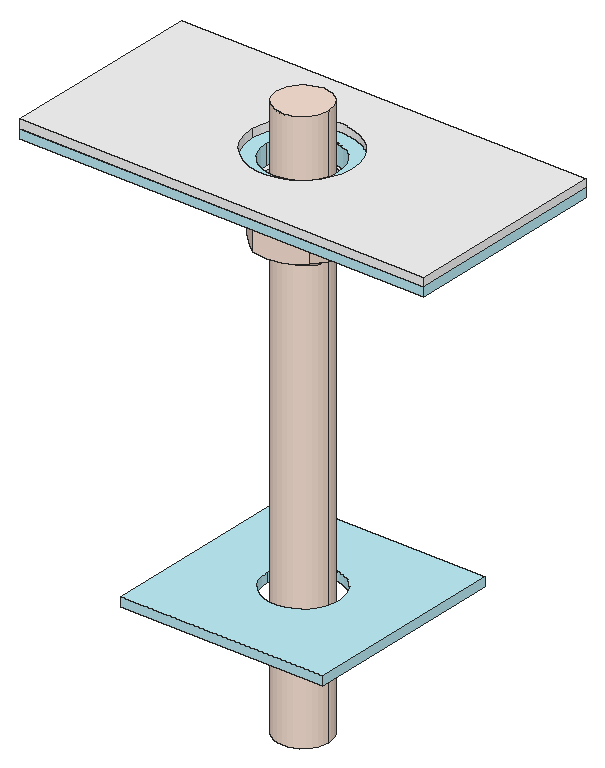
Revit family "GTクイーンアウトドア埋込タイプ", category 機械設備, Revit 2020
Family settings
  丸型コネクタ寸法 = 直径を使用
  種別 = なし
  パーツ タイプ = 標準
  作業面ベース = いいえ
  常に垂直 = はい
  ロード時にボイドで切り取り = いいえ
  共有 = いいえ
  部屋計算ポイント = いいえ
Parameters
  製造元 = "株式会社桐井製作所"
  既定の高さ = 0 mm
  URL = "https://www.kirii.co.jp/"
  K_名称 = "GTクイーンアウトドア埋込タイプ"
  K_備考 = "ボルト長さ60mm~250mmまで対応"
  K_バージョン情報 = "20221219"
Reference planes
  plane 1 "中心(正面/背面)": y = 0
  plane 2: z = 0
  plane 3 "中心(左/右)": x = 0
Dimensions and locks
  aligned and locked: level to plane 2
Nested families
  nested 1: "クッションゴムGTクイーン用" at (0.038, 0, 97.3), type "クッションゴムGTクイーン用"
  nested 2: "1／2”ボルト(高耐食)" at (0.076, 0, -30), type "1／2”ボルト(高耐食)"
    with K_長さ(mm) 140 mm
  nested 3: "受け金具GTクイーン用(高耐食)" at (0.114, 0, 97.3) x (1, 0, 0) z (0, 0, -1), type "受け金具GTクイーン用(高耐食)"
  nested 4: "調整座金(高耐食)" at (0.114, 0, 0), type "調整座金(高耐食)"
  nested 5: "1／2”ナット(高耐食)" at (0.114, 0, 89.1) x (1, 0, 0) z (0, 0, -1), type "1／2”ナット(高耐食)"
  nested 6: "1／2”スプリングワッシャー(高耐食)" at (0.114, 0, 89.1), type "1／2”スプリングワッシャー(高耐食)"
Definition of nested family "クッションゴムGTクイーン用"
  Parameters (values of type "クッションゴムGTクイーン用")
    Manufacturer = "株式会社桐井製作所"
    Default Elevation = 0 mm
    URL = "https://www.kirii.co.jp/"
    K_材質 = "天然ゴム"
    K_名称 = "クッションゴムGTクイーン用"
    K_単位質量(kg/個) = 0.013
    K_バージョン情報 = "20221219"
    K_JIS規格 = "JIS Ｋ 6386"
  Reference planes
    plane 1 "中心(正面/背面)": y = 0
    plane 2: z = 0
    plane 3 "中心(左/右)": x = 0
  Forms (mm)
    Extrusion 1, solid
      sketch origin (0, 0, -108.4) x (-1, 0, 0) y (0, 0, 1)
        loop
          line (50, 108.4) -> (50, 110.4) -> (-50, 110.4) -> (-50, 108.4) -> (50, 108.4)
      from -25 to 25
    Extrusion 2, void
      sketch origin (0, 0, 0) x (1, 0, 0) y (0, 1, 0)
        loop
          circle (0, 0) r 12.5
      from 0 to 2
  Cuts and joins
    Extrusion 2 cuts Extrusion 1
  Dimensions and locks
    aligned and locked: level to plane 2
Definition of nested family "1／2”ボルト(高耐食)"
  Parameters (values of type "1／2”ボルト(高耐食)")
    Manufacturer = "株式会社桐井製作所"
    Default Elevation = 0 mm
    URL = "https://www.kirii.co.jp/"
    K_長さ(mm) [instance] = 100 mm
    K_材質 = "軟鋼線材"
    K_名称 = "1/2”ボルト(高耐食)"
    K_単位質量(㎏/mm) = 0.075
    K_バージョン情報 = "20221219"
    K_めっき付着量 = "高耐食複合焼付被膜"
    K_JIS規格 = "JIS G 3505　同等以上"
  Reference planes
    plane 1 "中心(正面/背面)": y = 0
    plane 2: z = 0
    plane 3 "中心(左/右)": x = 0
  Forms (mm)
    Extrusion 1, solid
      sketch origin (0.058, 0, 0) x (1, 0, 0) y (0, 1, 0)
        loop
          circle (-0.02, 0) r 6.35
      from 0 to 100
  Dimensions and locks
    "K_長さ(mm)": Extrusion 1 to Extrusion 1
    aligned and locked: level to plane 2
  Automatic sketch dimensions
    plane 1 "中心(正面/背面)" to Extrusion 1 sketch curve = 0 mm
    plane 3 "中心(左/右)" to Extrusion 1 sketch curve = 0.038 mm
    radius of Extrusion 1 sketch curve = 6.35 mm
Definition of nested family "受け金具GTクイーン用(高耐食)"
  Parameters (values of type "受け金具GTクイーン用(高耐食)")
    Manufacturer = "株式会社桐井製作所"
    Default Elevation = 0 mm
    URL = "https://www.kirii.co.jp/"
    K_表面処理 = "K27"
    K_材質 = "溶融亜鉛めっき鋼板及び鋼帯 JIS G 3302"
    K_名称 = "GTクイーン用受け金具(高耐食)"
    K_バージョン情報 = "20221219"
  Reference planes
    plane 1 "中心(正面/背面)": y = 0
    plane 2: z = 0
    plane 3 "中心(左/右)": x = 0
  Forms (mm)
    Extrusion 1, solid
      sketch origin (0, 0, 0) x (1, 0, 0) y (0, 0, 1)
        loop
          line (-50, 2.3) -> (-50, 0) -> (50, 0) -> (50, 2.3) -> (-50, 2.3)
      from -25 to 25
    Revolve 2, solid
      sketch origin (0, 0, 0) x (1, 0, 0) y (0, 0, 1)
        loop
          line (0, 5) -> (0, 2.3) -> (17.5, 2.3)
          arc (17.5, 2.3) -> (16.21, 4.247) -> (14, 5) r 3.619
          line (14, 5) -> (0, 5)
        axis (0, 5) -> (0, 2.3)
      angle from 0 to 360
    Extrusion 3, void
      sketch origin (0, 0, 0) x (1, 0, 0) y (0, 1, 0)
        loop
          circle (-0.139, 0) r 9
      from 0 to 5
    Extrusion 4, void
      sketch origin (0, 0, 0) x (1, 0, 0) y (0, 1, 0)
        loop
          circle (-35.139, -10) r 2
        loop
          circle (34.861, 10) r 2
      from 0 to 2.3
  Cuts and joins
    Extrusion 3, Extrusion 4 cuts Extrusion 1
    Extrusion 3, Extrusion 4 cuts Revolve 2
    joined: Extrusion 1, Revolve 2
  Dimensions and locks
    aligned and locked: level to plane 2
Definition of nested family "調整座金(高耐食)"
  Parameters (values of type "調整座金(高耐食)")
    Manufacturer = "株式会社桐井製作所"
    Default Elevation = 0 mm
    URL = "https://www.kirii.co.jp/"
    K_表面処理 = "K27"
    K_材質 = "溶融亜鉛めっき鋼板及び鋼帯 JIS G 3302"
    K_名称 = "調整座金(高耐食)"
    K_バージョン情報 = "20221219"
  Reference planes
    plane 1 "中心(正面/背面)": y = 0
    plane 2: z = 0
    plane 3 "中心(左/右)": x = 0
  Forms (mm)
    Extrusion 1, solid
      sketch origin (0, 0, 0) x (1, 0, 0) y (0, 0, 1)
        loop
          line (-25, 2.3) -> (-25, 0) -> (25, 0) -> (25, 2.3) -> (-25, 2.3)
      from -25 to 25
    Extrusion 2, void
      sketch origin (-0.71, 0, 0) x (1, 0, 0) y (0, 1, 0)
        loop
          circle (0.71, 0) r 9
      from 0 to 2.3
  Cuts and joins
    Extrusion 2 cuts Extrusion 1
  Dimensions and locks
    aligned and locked: level to plane 2
Definition of nested family "1／2”ナット(高耐食)"
  Parameters (values of type "1／2”ナット(高耐食)")
    Manufacturer = "株式会社桐井製作所"
    Default Elevation = 0 mm
    URL = "https://www.kirii.co.jp/"
    K_表面処理 = "高耐食複合焼付被覆"
    K_材質 = "軟鋼線材 JIS G 3505 同等以上"
    K_名称 = "1/2\"ナット(高耐食)"
    K_単位質量(kg/個) = 0.021
    K_バージョン情報 = "20221219"
  Reference planes
    plane 1 "中心(正面/背面)": y = 0
    plane 2: z = 0
    plane 3 "中心(左/右)": x = 0
  Forms (mm)
    Revolve 1, solid
      sketch origin (0, 0, 2.36) x (1, 0, 0) y (0, 0, 1)
        loop
          line (7, 7.64) -> (7, -2.36) -> (13, -2.36) -> (13, 4.782)
          arc (13, 4.782) -> (11.208, 6.863) -> (8.573, 7.64) r 4.858
          line (8.573, 7.64) -> (7, 7.64)
        axis (0, 7.64) -> (0, -2.36)
      angle from 0 to 360
    Extrusion 2, void
      sketch origin (0, 0, 0) x (1, 0, 0) y (0, 1, 0)
        loop
          circle (0, 0) r 14
        loop
          line (3.138, 11.711) -> (-8.573, 8.573) -> (-11.711, -3.138) -> (-3.138, -11.711) -> (8.573, -8.573) -> (11.711, 3.138) -> (3.138, 11.711)
      from 0 to 10
  Cuts and joins
    Extrusion 2 cuts Revolve 1
  Dimensions and locks
    aligned and locked: level to plane 2
Definition of nested family "1／2”スプリングワッシャー(高耐食)"
  Parameters (values of type "1／2”スプリングワッシャー(高耐食)")
    Manufacturer = "株式会社桐井製作所"
    Default Elevation = 0 mm
    URL = "https://www.kirii.co.jp/"
    K_表面処理 = "高耐食複合焼付被覆"
    K_材質 = "軟鋼線材 JIS G 3505 同等以上"
    K_名称 = "1/2”スプリングワッシャー(高耐食)"
    K_単位質量(kg/個) = 0.001
    K_バージョン情報 = "20221212"
  Reference planes
    plane 1 "中心(正面/背面)": y = 0
    plane 2: z = 0
    plane 3 "中心(左/右)": x = 0
  Forms (mm)
    Extrusion 1, solid
      sketch origin (0, 0, 0) x (1, 0, 0) y (0, 1, 0)
        loop
          circle (0, 0.162) r 11
        loop
          circle (0, 0.162) r 8
      from 0 to 3.2
  Dimensions and locks
    aligned and locked: level to plane 2
